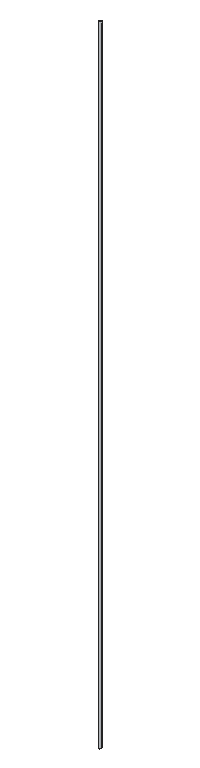
Revit family "RRPVC304", category Generic Models, Revit 2018
Family settings
  Can host rebar = No
  Round Connector Dimension = Use Diameter
  Part Type = Normal
  Work Plane-Based = Yes
  Always vertical = Yes
  Cut with Voids When Loaded = No
  Shared = Yes
  Room Calculation Point = No
Parameters (values of type "RRPVC304125/8")
  Type Comments = ""
  Ship Complete Level [instance] = ""
  Rod Size = 0.625"
  Rod Radius = Rod Size / 2  # 0.3125"
  Rod Material = none
  Rod Cut Length = 144.000"
  Required Date [instance] = ""
  Patent Information = "10495237, 10,697,562, 10,844,978, 11,262,000"
  Job [instance] = ""
  Group/Run [instance] = ""
  Description = "Threaded Rod 5/8 Inch 304 12 Foot long w/FDA Compliant PVC Encasement"
  Default Elevation = 48.000"
  Custom [instance] = ""
  Catalog Number = "RRPVC304125/8"
  Assembly Name [instance] = ""
  Assembly ID [instance] = ""
Types (9): name | Rod Size | Rod Radius | Rod Cut Length | Description | Catalog Number
  RRPVC304061/2 | 0.500" | 0.250" | 72.000" | "Threaded Rod 1/2 Inch 304 6 Foot long w/FDA Compliant PVC Encasement" | "RRPVC304061/2"
  RRPVC304063/8 | 0.375" | 0.1875" | 72.000" | "Threaded Rod 3/8 Inch 304 6 Foot long w/FDA Compliant PVC Encasement" | "RRPVC304063/8"
  RRPVC304061/4 | 0.250" | 0.125" | 72.000" | "Threaded Rod 1/4 Inch 304 6 Foot long PVC Encasement" | "RRPVC304061/4"
  RRPVC304065/8 | 0.625" | 0.3125" | 72.000" | "Threaded Rod 5/8 Inch 304 6 Foot long w/FDA Compliant PVC Encasement" | "RRPVC304065/8"
  RRPVC304063/4 | 0.750" | 0.375" | 72.000" | "Threaded Rod 3/4 Inch 304 6 Foot long w/FDA Compliant PVC Encasement" | "RRPVC304063/4"
  RRPVC304123/8 | 0.375" | 0.1875" | 144.000" | "Threaded Rod 3/8 Inch 304 12 Foot long w/FDA Compliant PVC Encasement" | "RRPVC304123/8"
  RRPVC304121/2 | 0.500" | 0.250" | 144.000" | "Threaded Rod 1/2 Inch 304 12 Foot long w/FDA Compliant PVC Encasement" | "RRPVC304121/2"
  RRPVC304125/8 | 0.625" | 0.3125" | 144.000" | "Threaded Rod 5/8 Inch 304 12 Foot long w/FDA Compliant PVC Encasement" | "RRPVC304125/8"
  RRPVC304123/4 | 0.750" | 0.375" | 144.000" | "Threaded Rod 3/4 Inch 304 12 Foot long w/FDA Compliant PVC Encasement" | "RRPVC304123/4"
Reference planes (in)
  plane 1 "Center (Front/Back)": y = 0
  plane 2: z = 0
  plane 3 "Center (Left/Right)": x = 0
  plane 4 "Top": z = 144
Forms (in)
  Extrusion 1, solid, material <- "Rod Material"
    sketch origin (0, 0, 0) x (1, 0, 0) y (0, 1, 0)
      loop
        circle (0, 0) r 0.3125
    from 0 to 144
Dimensions and locks (in)
  "Rod Cut Length": plane 4 "Top" to level
  "Rod Radius": radius of Extrusion 1 sketch curve
  aligned and locked: plane 2 to level
  aligned and locked: Extrusion 1 to plane 4 "Top"
Automatic sketch dimensions
  plane 1 "Center (Front/Back)" to Extrusion 1 sketch curve = 0.000"
  Extrusion 1 sketch curve to plane 3 "Center (Left/Right)" = 0.000"
